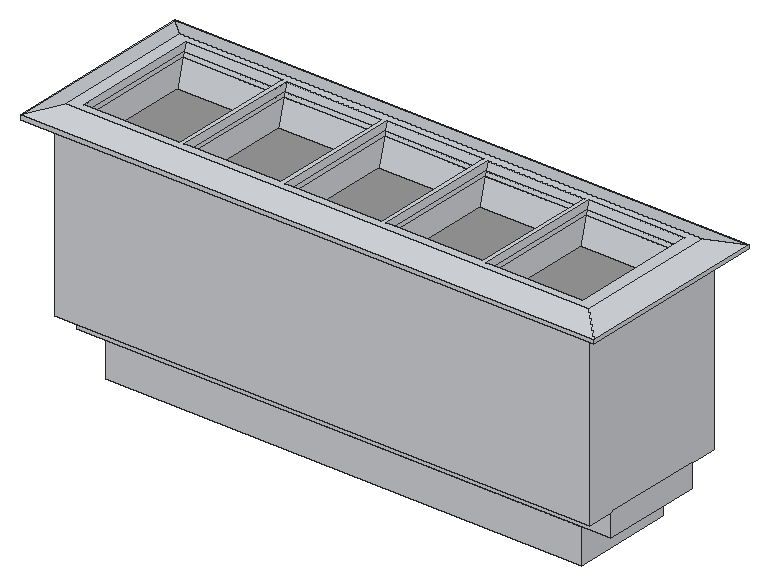
Revit family "2061122 Sylvania Lighting Fixture DOMINO 5xLED 930 BLACK NB TRIM WHITE", category Lighting Fixtures, host Face, Revit 2018
Family settings
  Host = Face
  Round Connector Dimension = Use Diameter
  Part Type = Normal
  OmniClass Number = 23.80.70.00
  OmniClass Title = Lighting
  Cut with Voids When Loaded = No
  Light Source = Yes
  Shared = No
  Room Calculation Point = No
Parameters (values of type "2061122 DOMINO 5XLED 930 BLACK NB TR WHT ")
  top top width = 15.812 mm
  top top length = 123 mm
  Width = 50 mm
  Weight = "n/a"
  Wattage Comments = ""
  Wattage = 9.2903 W
  WarrantyStartDate [instance] = "n/a"
  WarrantyGuarantorParts = "n/a"
  WarrantyDurationUnit = "n/a"
  WarrantyDurationParts = ""
  WarrantyDescription = "http://www.sylvania-lighting.com"
  built-in parameter 1150110 = 1 (stored number, unit not read)
  Voltage = 0 V
  URL = "0.6"
  TypeName = "DOMINO 5xLED 930 BLACK NB TRIM WHITE"
  Type Image = <None>
  Type Comments = "n/a"
  built-in parameter 1114217 = 1 (stored number, unit not read)
  Top Width = 26 mm
  Tilt Angle = 90.00°
  built-in parameter 1150109 = 1 (stored number, unit not read)
  built-in parameter 1150134 = 3
  built-in parameter 1150113 = 1 (stored number, unit not read)
  SerialNumber [instance] = "n/a"
  Recessed Width = 43 mm
  Recessed Length = 143 mm
  Photometric Web File = "2061122.ies"
  Material_3_FEILO = none
  PowerFactor = 0
  PowerConsumption = "Lighting"
  NominalLength = 50 mm
  NominalHeight = 0 mm
  NominalDepth = 0 mm
  Name = "DOMINO 5xLED 930 BLACK NB TRIM WHITE"
  ModelReference = Name  # "DOMINO 5xLED 930 BLACK NB TRIM WHITE"
  ModelNumber = "2061122"
  Model = Name  # "DOMINO 5xLED 930 BLACK NB TRIM WHITE"
  Material = "Feilo Sylvania"
  ManufacturerName = "62 lm/W"
  Manufacturer = ""
  LuminousEfficacy = ""
  built-in parameter 1150105 = 109.82 (stored number, unit not read)
  Lumens = 1380 lm
  LuminaireType = "0"
  built-in parameter 1150115 = 1 (stored number, unit not read)
  LightOutputRatio = "LED"
  built-in parameter 1150137 = (empty or 0)
  built-in parameter 1150139 = (empty or 0)
  Lens inside recess = 25 mm
  Lens Width = 32 mm
  Lens Outside recess = 31.978 mm
  Lens = Glass, White, High Luminance
  Length = 148 mm
  LampsType = Lamp  # "n/a"
  LampNominalLuminous = "3000 K"
  LampMacAdamStep = "90"
  LampColourTemperature = "LED"
  LampColourRenderingIndex = "16500"
  built-in parameter 1150112 = 1 (stored number, unit not read)
  built-in parameter 1150114 = 1 (stored number, unit not read)
  Lamp = "n/a"
  Keynote = "n/a"
  InstallationDate [instance] = "n/a"
  InputVoltage = "0"
  InputNominalFrequency = "3000"
  built-in parameter 1150132 = (empty or 0)
  built-in parameter 1150102 = (empty or 0)
  built-in parameter 1150107 = 3200 (stored number, unit not read)
  built-in parameter 1150138 = (empty or 0)
  IngressProtection = "IfcLightFixtureType"
  ImpactProtectionIndex = "IfcLightFixtureType"
  built-in parameter 1150106 = 1.0982 (stored number, unit not read)
  IfcExportType = "IfcLightFixtureType"
  IfcExportAs = "Class II"
  Facia internal width = 37 mm
  Facia internal length = 135 mm
  Facia Height = 2 mm
  ExpectedLife = 50000
  Emit from Circle Diameter = 609.6 mm
  Emit Shape Visible in Rendering = no
  ElectricShockClassification = "62"
  built-in parameter 1150104 = 13.8 (stored number, unit not read)
  DurationUnit = "hours"
  DocumentationLiterature = "http://www.sylvania-lighting.com/product/en-int/products/2061122"
  DimmingControlOptions = "n/a"
  Material_2_FEILO = none
  Dimming Lamp Color Temperature Shift = <None>
  Description = "Modular LED recessed linear spotlight, ideal for retail and hospitality applications. Die-cast aluminium body, passive cooling. Two levels of reflector installation, low glaring UGR<16. 5x LED source, 15° beam angle , optics: PMMA lens and polycarbonate reflector combination, Black matt reflector finish. Light color temperature: 3000K warm white, total system power: 13W , total fixture lumen output: 800lm, efficacy: 62 lm/W, Ra90 typical, LED chromacity: 3 step MacAdam ellipse (SDCM3), lifespan: 96,000 hours at 90% of the original output (L90B10), IR/UV free light source without heat radiation, operating voltage: 220-240V / 50-60Hz, electronic driver, ultra low flicker, non-dimmable , electrical protection: Class II. Degree of Protection: IP40/IP20, suitable for indoor environment only. Ceiling cut-out: 43x43mm, outer dimensions:  150x50mm trim frame RAL 9016 - Traffic white / Bezel color.5 years Warranty."
  Default Elevation = 1219.2 mm
  CreatedOn = "10/02/2021"
  CreatedBy = "@sylvania-lighting.com"
  Cost = 0
  Color Filter = 16777215
  built-in parameter 1114216 [instance] = (empty or 0)
  ClassificationValue = "EF_70_80"
  ClassificationName = "Uniclass2015"
  Material_1_FEILO = none
  Body Width = 40 mm
  Body Length = 138 mm
  BarCode [instance] = "n/a"
  built-in parameter 1114218 = 1 (stored number, unit not read)
  built-in parameter 1150133 = 10 (stored number, unit not read)
  AssetType = "Fixed"
  AssetIdentifier [instance] = "n/a"
  Assembly Code = "D5020200"
  Apparent Load = 13 VA
  Material_4_FEILO = none
Reference planes
  plane 1 "Center (Front/Back)": y = 0
  plane 2: z = 0
  plane 3 "Center (Left/Right)": x = 0
  plane 4: z = 0
  plane 5: z = -7
  plane 6: z = -45.895
  plane 7: z = -51.895
  plane 8: z = -60.895
  plane 9: x = -71.5
  plane 10: x = 71.5
  plane 11: y = 21.5
  plane 12: y = -21.5
  plane 13: x = -74
  plane 14: x = 74
  plane 15: y = 25
  plane 16: y = -25
  plane 17: x = 67.5
  plane 18: x = -67.5
  plane 19: y = 18.5
  plane 20: y = -18.5
  plane 21: z = 2
  plane 22: x = -69
  plane 23: x = 69
  plane 24: y = 20
  plane 25: y = -20
  plane 26: y = 13
  plane 27: y = -13
  plane 28: x = 61.5
  plane 29: x = -61.5
  plane 30: x = -65.5
  plane 31: y = 16.5
  plane 32: y = -16.472
  plane 33: x = -40.5
  plane 34: x = -41
  plane 35: x = -65
  plane 36: y = 13
  plane 37: y = -12.972
  plane 38: x = -39.5
  plane 39: x = -14.48
  plane 40: x = -13.48
  plane 41: x = 11.52
  plane 42: x = 12.52
  plane 43: x = 37.52
  plane 44: x = 38.52
  plane 45: x = 64.5
Forms (mm)
  Extrusion 1, solid, not visible, detail levels medium+fine
    sketch origin (4.2, 0, 0) x (1, 0, 0) y (0, 1, 0)
      loop
        line (-29.2, 34.5) -> (-29.2, -34.5) -> (20.8, -34.5) -> (20.8, 34.5) -> (-29.2, 34.5)
    from 0 to 1
  Extrusion 2, solid, not visible, detail levels medium+fine
    sketch origin (4.044, 0, 0) x (1, 0, 0) y (0, 1, 0)
      loop
        line (-29.2, 34.5) -> (-29.2, -34.5) -> (20.8, -34.5) -> (20.8, 34.5) -> (-29.2, 34.5)
    from 0 to 1
  Blend 3, solid, not visible, detail levels medium+fine
    base sketch origin (4.2, 0, 0) x (1, 0, 0) y (0, 1, 0)
      loop
        line (-29.2, 34.5) -> (-29.2, -34.5) -> (20.8, -34.5) -> (20.8, 34.5) -> (-29.2, 34.5)
    top sketch origin (4.2, 0, 0) x (1, 0, 0) y (0, 1, 0)
      loop
        line (-21.7, 28) -> (-21.7, -28) -> (13.3, -28) -> (13.3, 28) -> (-21.7, 28)
    from 1 to 3
  Extrusion 4, solid, not visible, detail levels medium+fine
    sketch origin (3.419, 0, 0) x (1, 0, 0) y (0, 1, 0)
      loop
        line (-29.2, 34.5) -> (-29.2, -34.5) -> (20.8, -34.5) -> (20.8, 34.5) -> (-29.2, 34.5)
    from 0 to 1
  Blend 5, solid, not visible, detail levels medium+fine
    base sketch origin (3.575, 0, 0) x (1, 0, 0) y (0, 1, 0)
      loop
        line (-29.2, 34.5) -> (-29.2, -34.5) -> (20.8, -34.5) -> (20.8, 34.5) -> (-29.2, 34.5)
    top sketch origin (3.575, 0, 0) x (1, 0, 0) y (0, 1, 0)
      loop
        line (-21.7, 28) -> (-21.7, -28) -> (13.3, -28) -> (13.3, 28) -> (-21.7, 28)
    from 1 to 3
  Extrusion 6, solid, not visible, detail levels medium+fine
    sketch origin (4.247, 0, 0) x (1, 0, 0) y (0, 1, 0)
      loop
        line (-29.2, 34.5) -> (-29.2, -34.5) -> (20.8, -34.5) -> (20.8, 34.5) -> (-29.2, 34.5)
    from 0 to 1
  Blend 7, solid, not visible, detail levels medium+fine
    base sketch origin (4.403, 0, 0) x (1, 0, 0) y (0, 1, 0)
      loop
        line (-29.2, 34.5) -> (-29.2, -34.5) -> (20.8, -34.5) -> (20.8, 34.5) -> (-29.2, 34.5)
    top sketch origin (4.403, 0, 0) x (1, 0, 0) y (0, 1, 0)
      loop
        line (-21.7, 28) -> (-21.7, -28) -> (13.3, -28) -> (13.3, 28) -> (-21.7, 28)
    from 1 to 3
  Extrusion 8, void, detail levels medium+fine
    sketch origin (4.2, 0, 0) x (0, 1, 0) y (1, 0, 0)
      loop
        line (21.5, -75.7) -> (21.5, 67.3) -> (-21.5, 67.3) -> (-21.5, -75.7) -> (21.5, -75.7)
    from -9.934 to 83.097
  Extrusion 9, solid, detail levels medium+fine
    sketch origin (4.2, 0, 0) x (1, 0, 0) y (0, 1, 0)
      loop
        line (-78.2, 25) -> (-78.2, -25) -> (69.8, -25) -> (69.8, 25) -> (-78.2, 25)
    from 0 to 1
  Extrusion 10, solid, detail levels medium+fine
    sketch origin (4.2, 0, 0) x (1, 0, 0) y (0, 1, 0)
      loop
        line (-73.2, 20) -> (-73.2, -20) -> (64.8, -20) -> (64.8, 20) -> (-73.2, 20)
    from 0 to -45.895
  Extrusion 11, solid, detail levels medium+fine
    sketch origin (4.2, 0, 0) x (1, 0, 0) y (0, 1, 0)
      loop
        line (-73.2, 13) -> (-73.2, -13) -> (64.8, -13) -> (64.8, 13) -> (-73.2, 13)
    from -51.895 to -45.895
  Extrusion 12, solid, material "Glass, White, High Luminance" <- "Lens", detail levels fine
    sketch origin (11.874, 1219.733, 36.156) x (1, 0, 0) y (0, 1, 0)
      loop
        line (-75.883, -1206.7) -> (-75.883, -1232.733) -> (-51.887, -1232.733) -> (-51.887, -1206.7) -> (-75.883, -1206.7)
    from -43.156 to -42.182
  Blend 13, solid, detail levels medium+fine
    base sketch origin (4.2, 0, 0) x (1, 0, 0) y (0, 1, 0)
      loop
        line (-78.2, 25) -> (-78.2, -25) -> (69.8, -25) -> (69.8, 25) -> (-78.2, 25)
    top sketch origin (4.2, 0, 0) x (1, 0, 0) y (0, 1, 0)
      loop
        line (-71.7, 18.5) -> (-71.7, -18.5) -> (63.3, -18.5) -> (63.3, 18.5) -> (-71.7, 18.5)
    from 1 to 3
  Extrusion 14, solid, detail levels fine
    sketch origin (0, 0, 0) x (1, 0, 0) y (0, 0, 1)
      loop
        line (-61.5, -51.895) -> (-61.5, -60.895) -> (61.5, -60.895) -> (61.5, -51.895) -> (-61.5, -51.895)
    from -13 to 13
  Blend 15, void
    base sketch origin (5.187, 0, 0) x (0, 1, 0) y (-1, 0, 0)
      loop
        line (16.5, 69.7) -> (-16.472, 69.7) -> (-16.472, 44.7) -> (16.5, 44.7) -> (16.5, 69.7)
    top sketch origin (5.187, 0, 0) x (0, 1, 0) y (-1, 0, 0)
      loop
        line (13, 69.2) -> (-12.972, 69.2) -> (-12.972, 45.2) -> (13, 45.2) -> (13, 69.2)
    from 3 to -7
  Blend 16, void
    base sketch origin (31.202, 0, 0) x (0, 1, 0) y (-1, 0, 0)
      loop
        line (16.5, 69.7) -> (-16.472, 69.7) -> (-16.472, 44.7) -> (16.5, 44.7) -> (16.5, 69.7)
    top sketch origin (31.202, 0, 0) x (0, 1, 0) y (-1, 0, 0)
      loop
        line (13, 69.2) -> (-12.972, 69.2) -> (-12.972, 45.2) -> (13, 45.2) -> (13, 69.2)
    from 3 to -7
  Blend 17, void
    base sketch origin (57.213, -0.017, 0) x (0, 1, 0) y (-1, 0, 0)
      loop
        line (16.5, 69.7) -> (-16.472, 69.7) -> (-16.472, 44.7) -> (16.5, 44.7) -> (16.5, 69.7)
    top sketch origin (57.213, -0.017, 0) x (0, 1, 0) y (-1, 0, 0)
      loop
        line (13, 69.2) -> (-12.972, 69.2) -> (-12.972, 45.2) -> (13, 45.2) -> (13, 69.2)
    from 3 to -7
  Blend 18, void
    base sketch origin (83.222, 0, 0) x (0, 1, 0) y (-1, 0, 0)
      loop
        line (16.5, 69.7) -> (-16.472, 69.7) -> (-16.472, 44.7) -> (16.5, 44.7) -> (16.5, 69.7)
    top sketch origin (83.222, 0, 0) x (0, 1, 0) y (-1, 0, 0)
      loop
        line (13, 69.2) -> (-12.972, 69.2) -> (-12.972, 45.2) -> (13, 45.2) -> (13, 69.2)
    from 3 to -7
  Blend 19, void
    base sketch origin (109.202, 0, 0) x (0, 1, 0) y (-1, 0, 0)
      loop
        line (16.5, 69.7) -> (-16.472, 69.7) -> (-16.472, 44.7) -> (16.5, 44.7) -> (16.5, 69.7)
    top sketch origin (109.202, 0, 0) x (0, 1, 0) y (-1, 0, 0)
      loop
        line (13, 69.2) -> (-12.972, 69.2) -> (-12.972, 45.2) -> (13, 45.2) -> (13, 69.2)
    from 3 to -7
  Extrusion 20, solid, material "Glass, White, High Luminance" <- "Lens", detail levels fine
    sketch origin (37.889, 1219.733, 36.156) x (1, 0, 0) y (0, 1, 0)
      loop
        line (-75.883, -1206.7) -> (-75.883, -1232.733) -> (-51.887, -1232.733) -> (-51.887, -1206.7) -> (-75.883, -1206.7)
    from -43.156 to -42.182
  Extrusion 21, solid, material "Glass, White, High Luminance" <- "Lens", detail levels fine
    sketch origin (63.896, 1219.733, 36.156) x (1, 0, 0) y (0, 1, 0)
      loop
        line (-75.883, -1206.7) -> (-75.883, -1232.733) -> (-51.887, -1232.733) -> (-51.887, -1206.7) -> (-75.883, -1206.7)
    from -43.156 to -42.182
  Extrusion 22, solid, material "Glass, White, High Luminance" <- "Lens", detail levels fine
    sketch origin (89.905, 1219.733, 36.156) x (1, 0, 0) y (0, 1, 0)
      loop
        line (-75.883, -1206.7) -> (-75.883, -1232.733) -> (-51.887, -1232.733) -> (-51.887, -1206.7) -> (-75.883, -1206.7)
    from -43.156 to -42.182
  Extrusion 23, solid, material "Glass, White, High Luminance" <- "Lens", detail levels fine
    sketch origin (115.886, 1219.733, 36.156) x (1, 0, 0) y (0, 1, 0)
      loop
        line (-75.883, -1206.7) -> (-75.883, -1232.733) -> (-51.887, -1232.733) -> (-51.887, -1206.7) -> (-75.883, -1206.7)
    from -43.156 to -42.182
  Extrusion 24, solid, detail levels coarse
    sketch origin (4.2, 0, 0) x (1, 0, 0) y (0, 1, 0)
      loop
        line (-78.2, 25) -> (-78.2, -25) -> (69.8, -25) -> (69.8, 25) -> (-78.2, 25)
    from 3 to -60.895
Cuts and joins
  Blend 15, Blend 16, Blend 17, Blend 18, Blend 19 cuts Extrusion 9
  Blend 15, Blend 16, Blend 17, Blend 18, Blend 19 cuts Extrusion 10
  Blend 15, Blend 16, Blend 17, Blend 18, Blend 19 cuts Blend 13
Dimensions and locks
  "Recessed Length": plane 9 to plane 10
  equal spacing: plane 9, plane 3 "Center (Left/Right)", plane 10
  "Length": plane 13 to plane 14
  equal spacing: plane 13, plane 3 "Center (Left/Right)", plane 14
  "Recessed Width": plane 11 to plane 12
  equal spacing: plane 11, plane 1 "Center (Front/Back)", plane 12
  "Width": plane 15 to plane 16
  equal spacing: plane 15, plane 1 "Center (Front/Back)", plane 16
  "Facia internal length": plane 18 to plane 17
  equal spacing: plane 18, plane 3 "Center (Left/Right)", plane 17
  "Facia internal width": plane 19 to plane 20
  equal spacing: plane 19, plane 1 "Center (Front/Back)", plane 20
  "Facia Height": plane 21 to host face
  "Body Length": plane 22 to plane 23
  equal spacing: plane 22, plane 3 "Center (Left/Right)", plane 23
  "Body Width": plane 24 to plane 25
  equal spacing: plane 24, plane 1 "Center (Front/Back)", plane 25
  "Top Width": plane 26 to plane 27
  equal spacing: plane 26, plane 1 "Center (Front/Back)", plane 27
  "top top length": plane 29 to plane 28
  equal spacing: plane 29, plane 3 "Center (Left/Right)", plane 28  (x2)
  plane 28 to plane 29 = 123 mm
  equal spacing: plane 28, plane 3 "Center (Left/Right)", plane 29
  aligned and locked: plane 2 to host face
  aligned and locked: level to host face
  aligned and locked: Extrusion 11 to plane 7
  aligned and locked: Extrusion 10 to plane 6
  aligned and locked: Extrusion 12 to plane 5
Automatic sketch dimensions
  Extrusion 1 sketch curve to Extrusion 1 sketch curve = 50 mm
  Extrusion 1 sketch curve to Extrusion 1 sketch curve = 69 mm
  Extrusion 2 sketch curve to Extrusion 2 sketch curve = 50 mm
  Extrusion 2 sketch curve to Extrusion 2 sketch curve = 69 mm
  Blend 3 sketch curve to Blend 3 sketch curve = 50 mm
  Blend 3 sketch curve to Blend 3 sketch curve = 69 mm
  Blend 3 sketch curve to Blend 3 sketch curve = 35 mm
  Blend 3 sketch curve to Blend 3 sketch curve = 56 mm
  Extrusion 4 sketch curve to Extrusion 4 sketch curve = 50 mm
  Extrusion 4 sketch curve to Extrusion 4 sketch curve = 69 mm
  Blend 5 sketch curve to Blend 5 sketch curve = 50 mm
  Blend 5 sketch curve to Blend 5 sketch curve = 69 mm
  Blend 5 sketch curve to Blend 5 sketch curve = 35 mm
  Blend 5 sketch curve to Blend 5 sketch curve = 56 mm
  Extrusion 6 sketch curve to Extrusion 6 sketch curve = 50 mm
  Extrusion 6 sketch curve to Extrusion 6 sketch curve = 69 mm
  Blend 7 sketch curve to Blend 7 sketch curve = 50 mm
  Blend 7 sketch curve to Blend 7 sketch curve = 69 mm
  Blend 7 sketch curve to Blend 7 sketch curve = 35 mm
  Blend 7 sketch curve to Blend 7 sketch curve = 56 mm
  host sketch curve to host sketch curve = 2438.4 mm  (x2)
  Extrusion 8 sketch curve to plane 9 = 0 mm
  Extrusion 8 sketch curve to plane 12 = 0 mm
  Extrusion 8 sketch curve to plane 11 = 0 mm
  Extrusion 8 sketch curve to plane 10 = 0 mm
  Extrusion 9 sketch curve to plane 13 = 0 mm
  Extrusion 9 sketch curve to plane 14 = 0 mm
  Extrusion 9 sketch curve to plane 16 = 0 mm
  Extrusion 9 sketch curve to plane 15 = 0 mm
  Extrusion 10 sketch curve to plane 22 = 0 mm
  Extrusion 10 sketch curve to plane 23 = 0 mm
  Extrusion 10 sketch curve to plane 25 = 0 mm
  Extrusion 10 sketch curve to plane 24 = 0 mm
  Extrusion 11 sketch curve to plane 22 = 0 mm
  Extrusion 11 sketch curve to plane 23 = 0 mm
  Extrusion 11 sketch curve to plane 27 = 0 mm
  Extrusion 11 sketch curve to plane 26 = 0 mm
  Extrusion 12 sketch curve to plane 27 = 0 mm
  plane 35 to Extrusion 12 sketch curve = 0.991 mm
  plane 26 to Extrusion 12 sketch curve = 0.033 mm
  plane 33 to Extrusion 12 sketch curve = 0.487 mm
  Blend 13 sketch curve to plane 13 = 0 mm
  Blend 13 sketch curve to plane 14 = 0 mm
  Blend 13 sketch curve to plane 16 = 0 mm
  Blend 13 sketch curve to plane 15 = 0 mm
  Blend 13 sketch curve to plane 18 = 0 mm
  Blend 13 sketch curve to plane 17 = 0 mm
  Blend 13 sketch curve to plane 20 = 0 mm
  Blend 13 sketch curve to plane 19 = 0 mm
  Extrusion 14 sketch curve to plane 8 = 0 mm
  Extrusion 14 sketch curve to plane 29 = 0 mm
  Extrusion 14 sketch curve to plane 28 = 0 mm
  Extrusion 14 sketch curve to plane 7 = 0 mm
  Blend 15 sketch curve to plane 32 = 0 mm
  Blend 15 sketch curve to plane 31 = 0 mm
  Blend 15 sketch curve to plane 38 = 0.013 mm
  plane 35 to Blend 15 sketch curve = 0.487 mm
  Blend 15 sketch curve to plane 37 = 0 mm
  Blend 15 sketch curve to plane 26 = 0 mm
  plane 33 to Blend 15 sketch curve = 0.487 mm
  plane 35 to Blend 15 sketch curve = 0.987 mm
  Blend 16 sketch curve to plane 32 = 0 mm
  Blend 16 sketch curve to plane 31 = 0 mm
  Blend 16 sketch curve to plane 40 = 0.018 mm
  plane 38 to Blend 16 sketch curve = 1.002 mm
  Blend 16 sketch curve to plane 37 = 0 mm
  Blend 16 sketch curve to plane 26 = 0 mm
  plane 39 to Blend 16 sketch curve = 0.482 mm
  plane 38 to Blend 16 sketch curve = 1.502 mm
  Blend 17 sketch curve to plane 32 = 0.017 mm
  Blend 17 sketch curve to plane 31 = 0.017 mm
  Blend 17 sketch curve to plane 42 = 0.007 mm
  plane 40 to Blend 17 sketch curve = 0.993 mm
  plane 27 to Blend 17 sketch curve = 0.011 mm
  Blend 17 sketch curve to plane 26 = 0.017 mm
  plane 41 to Blend 17 sketch curve = 0.493 mm
  plane 40 to Blend 17 sketch curve = 1.493 mm
  plane 32 to Blend 18 sketch curve = 0 mm
  plane 31 to Blend 18 sketch curve = 0 mm
  plane 44 to Blend 18 sketch curve = 0.002 mm
  plane 42 to Blend 18 sketch curve = 1.002 mm
  plane 37 to Blend 18 sketch curve = 0 mm
  plane 26 to Blend 18 sketch curve = 0 mm
  Blend 18 sketch curve to plane 44 = 0.498 mm
  plane 42 to Blend 18 sketch curve = 1.502 mm
  Blend 19 sketch curve to plane 32 = 0 mm
  Blend 19 sketch curve to plane 31 = 0 mm
  plane 45 to Blend 19 sketch curve = 0.002 mm
  plane 44 to Blend 19 sketch curve = 0.982 mm
  Blend 19 sketch curve to plane 37 = 0 mm
  Blend 19 sketch curve to plane 26 = 0 mm
  Blend 19 sketch curve to plane 45 = 0.498 mm
  plane 44 to Blend 19 sketch curve = 1.482 mm
  Extrusion 20 sketch curve to plane 27 = 0 mm
  plane 38 to Extrusion 20 sketch curve = 1.506 mm
  plane 26 to Extrusion 20 sketch curve = 0.033 mm
  plane 39 to Extrusion 20 sketch curve = 0.482 mm
  Extrusion 21 sketch curve to plane 27 = 0 mm
  plane 40 to Extrusion 21 sketch curve = 1.493 mm
  plane 26 to Extrusion 21 sketch curve = 0.033 mm
  plane 41 to Extrusion 21 sketch curve = 0.49 mm
  Extrusion 22 sketch curve to plane 27 = 0 mm
  plane 42 to Extrusion 22 sketch curve = 1.502 mm
  plane 26 to Extrusion 22 sketch curve = 0.033 mm
  plane 43 to Extrusion 22 sketch curve = 0.498 mm
  Extrusion 23 sketch curve to plane 27 = 0 mm
  plane 44 to Extrusion 23 sketch curve = 1.482 mm
  plane 26 to Extrusion 23 sketch curve = 0.033 mm
  Extrusion 23 sketch curve to plane 45 = 0.501 mm
  Extrusion 24 sketch curve to plane 13 = 0 mm
  Extrusion 24 sketch curve to plane 14 = 0 mm
  Extrusion 24 sketch curve to plane 16 = 0 mm
  Extrusion 24 sketch curve to plane 15 = 0 mm
Connectors
  electrical at (0, 0, -60.895)
    settings: on Extrusion 14, index 1, voltage 0 V, apparent load 0 VA, apparent load phase1 0 VA, apparent load phase2 0 VA, apparent load phase3 0 VA, power factor 1, load classification "Other", number of poles 1, system type 31, power factor state 1, is connector primary yes, connector utility no, sub classification motor no, connector description ""
